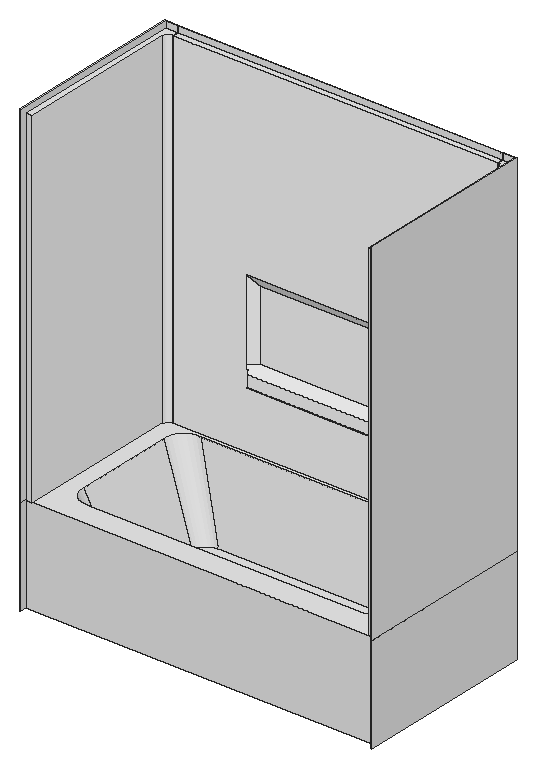
Revit family "4LETS6030.V2", category Plumbing Fixtures, Revit 2017
Family settings
  Round Connector Dimension = Use Diameter
  Part Type = Normal
  OmniClass Number = 23.45.05.14.17
  OmniClass Title = Showers
  Work Plane-Based = No
  Always vertical = Yes
  Cut with Voids When Loaded = No
  Shared = No
  Room Calculation Point = No
Parameters (values of type "4LETS6030.V2")
  Unit Width = 60"
  Unit Height = 76 3/4"
  URL = "http://www.bestbath.com"
  Type Comments = "Remodeler"
  Model = "4LETS6030.V2"
  Material [instance] = Best Bath Gelcoat Fiberglass - RealTile
  Manufacturer = "Best Bath Systems, Inc."
  Keynote = "22 40 00.D3"
  Description = "Real Tile Finish"
  Assembly Code = "D2010700"
Reference planes (in)
  plane 1 "Back": y = 0
  plane 2: z = 0.25
  plane 3 "Left": x = 0
  plane 4: x = 60
  plane 5: y = -30
  plane 6: z = 76
  plane 7: z = 77
  plane 8: x = 52
  plane 9: z = 16.75
  plane 10: y = -15
  plane 11: y = -1.25
  plane 12: x = 10
  plane 13: x = 55.5
  plane 14: y = -4.375
  plane 15: y = -23.5
  plane 16: y = -1.875
  plane 17: y = -26
  plane 18: x = 4
  plane 19: x = 57
  plane 20: x = 1.25
  plane 21: x = 58.75
  plane 22: y = -31
  plane 23: z = 30.25
Forms (in)
  Extrusion 1, solid, material "Best Bath Gelcoat Fiberglass - Smooth"
    sketch origin (0, 0, 0.25) x (1, 0, 0) y (0, 1, 0)
      loop
        line (60, -30) -> (60, 0) -> (57.75, 0) -> (57.75, -1.25)
        arc (57.75, -1.25) -> (58.45711, -1.54289) -> (58.75, -2.25) r 1
        line (58.75, -2.25) -> (58.75, -30) -> (60, -30)
      loop
        line (0, 0) -> (0, -30) -> (1.25, -30) -> (1.25, -2.25)
        arc (1.25, -2.25) -> (1.54289, -1.54289) -> (2.25, -1.25) r 1
        line (2.25, -1.25) -> (2.25, 0) -> (0, 0)
    from 16.5 to 75.75
  Extrusion 2, solid, material "Best Bath Gelcoat Fiberglass - Smooth"
    sketch origin (0, 0, 0.25) x (1, 0, 0) y (0, 1, 0)
      loop
        line (0, -30) -> (60, -30) -> (60, 0) -> (0, 0) -> (0, -30)
      loop
        circle (52, -15) r 1.5
    from 0 to 16.5
  Blend 3, void
    base sketch origin (0, 0, 0.25) x (1, 0, 0) y (0, 1, 0)
      loop
        arc (12.5, -4.375) -> (10.73223, -5.10723) -> (10, -6.875) r 2.5
        line (10, -6.875) -> (10, -21)
        arc (10, -21) -> (10.73223, -22.76777) -> (12.5, -23.5) r 2.5
        line (12.5, -23.5) -> (53.5, -23.5)
        arc (53.5, -23.5) -> (54.91421, -22.91421) -> (55.5, -21.5) r 2
        line (55.5, -21.5) -> (55.5, -6.375)
        arc (55.5, -6.375) -> (54.91421, -4.96079) -> (53.5, -4.375) r 2
        line (53.5, -4.375) -> (12.5, -4.375)
    top sketch origin (0, 0, 0.25) x (1, 0, 0) y (0, 1, 0)
      loop
        arc (7.5, -1.875) -> (5.02513, -2.90013) -> (4, -5.375) r 3.5
        line (4, -5.375) -> (4, -22.5)
        arc (4, -22.5) -> (5.02513, -24.97487) -> (7.5, -26) r 3.5
        line (7.5, -26) -> (53.5, -26)
        arc (53.5, -26) -> (55.97487, -24.97487) -> (57, -22.5) r 3.5
        line (57, -22.5) -> (57, -5.375)
        arc (57, -5.375) -> (55.97487, -2.90013) -> (53.5, -1.875) r 3.5
        line (53.5, -1.875) -> (7.5, -1.875)
    from 2.23617 to 16.5
  Extrusion 4, solid, material "Best Bath Gelcoat Fiberglass - Smooth"
    sketch origin (0, 0, 0.25) x (1, 0, 0) y (0, 1, 0)
      loop
        line (2.25, -1.25) -> (57.75, -1.25) -> (57.75, 0) -> (2.25, 0) -> (2.25, -1.25)
    from 16.5 to 75.75
  Extrusion 5, solid, material "Best Bath Gelcoat Fiberglass - Smooth"
    sketch origin (0, 0, 0.25) x (1, 0, 0) y (0, 1, 0)
      loop
        line (0, -30) -> (0, -31) -> (0.125, -31) -> (0.125, -30) -> (0, -30)
      loop
        line (60, -30) -> (59.875, -30) -> (59.875, -31) -> (60, -31) -> (60, -30)
    from 0 to 16.5
  Extrusion 6, solid, material "Best Bath Gelcoat Fiberglass - Smooth"
    sketch origin (0, 0, 0.25) x (1, 0, 0) y (0, 1, 0)
      loop
        line (2.25, 0) -> (2.25, -0.125) -> (57.75, -0.125) -> (57.75, 0) -> (2.25, 0)
    from 75.75 to 76.75
  Extrusion 7, solid, material "Best Bath Gelcoat Fiberglass - Smooth"
    sketch origin (0, 0, 0.25) x (1, 0, 0) y (0, 1, 0)
      loop
        line (0, -31) -> (0.125, -31) -> (0.125, -0.125) -> (2.25, -0.125) -> (2.25, 0) -> (0, 0) -> (0, -31)
      loop
        line (60, -31) -> (60, 0) -> (57.75, 0) -> (57.75, -0.125) -> (59.875, -0.125) -> (59.875, -31) -> (60, -31)
    from 16.5 to 76.75
  Blend 8, solid, material "Best Bath Gelcoat Fiberglass - Smooth"
    base sketch origin (1.5, -33, 0) x (1, 0, 0) y (0, 0, 1)
      loop
        line (13.375, 30.25) -> (13.375, 26.5) -> (43.625, 26.5) -> (43.625, 30.25) -> (13.375, 30.25)
    top sketch origin (1.5, -33, 0) x (1, 0, 0) y (0, 0, 1)
      loop
        line (15.375, 30.25) -> (15.375, 28.25) -> (41.625, 28.25) -> (41.625, 30.25) -> (15.375, 30.25)
    from -31.75 to -29.5
  Blend 9, void
    base sketch origin (1.5, -33, 0) x (1, 0, 0) y (0, 0, 1)
      loop
        line (13.375, 30.25) -> (43.625, 30.25) -> (43.625, 43.75) -> (13.375, 43.75) -> (13.375, 30.25)
    top sketch origin (1.5, -33, 0) x (1, 0, 0) y (0, 0, 1)
      loop
        line (14.875, 30.25) -> (42.125, 30.25) -> (42.125, 42.25) -> (14.875, 42.25) -> (14.875, 30.25)
    from -31.75 to -32.75
Cuts and joins
  Blend 3 cuts Extrusion 2
  joined: Extrusion 2, Extrusion 5
  Blend 9 cuts Extrusion 4
  joined: Extrusion 4, Extrusion 6, Blend 8
  joined: Extrusion 1, Extrusion 7
Dimensions and locks (in)
  "Unit Width": plane 3 "Left" to plane 4
  locked: plane 7 to plane 6 at 1
  "Unit Height": plane 7 to level
  plane 3 "Left" to plane 8 to plane 4 = 52", 8"
  plane 10 to plane 1 "Back" = 15"
  locked: plane 13 to plane 4 at 4.5
  locked: plane 15 to plane 5 at 6.5
  locked: plane 3 "Left" to plane 12 at 10
  locked: plane 16 to plane 1 "Back" at 1.875
  locked: plane 17 to plane 5 at 4
  locked: plane 19 to plane 4 at 3
  locked: plane 3 "Left" to plane 18 at 4
  plane 9 to level = 16 1/2"
  locked: plane 11 to plane 1 "Back" at 1.25
  locked: plane 3 "Left" to plane 20 at 1.25
  locked: plane 21 to plane 4 at 1.25
  locked: Extrusion 1 to plane 14 at 4.375
  locked: plane 5 to plane 22 at 1
  locked: plane 22 to plane 1 "Back" at 31
  locked: plane 23 to plane 9 at 13.5
  radius of Blend 3 sketch curve = 2"  (x2)
  radius of Blend 3 sketch curve = 2 1/2"  (x2)
  radius of Blend 3 sketch curve = 3 1/2"  (x4)
  aligned and locked: level to plane 2
  aligned and locked: plane 6 to Extrusion 1
  aligned and locked: Extrusion 1 sketch curve to plane 4
  aligned and locked: plane 5 to Extrusion 1 sketch curve
  aligned and locked: Extrusion 1 sketch curve to plane 5
  aligned and locked: Extrusion 2 sketch curve to Extrusion 1  (x3)
  aligned and locked: Extrusion 2 sketch curve to plane 1 "Back"
  aligned and locked: plane 10 to Extrusion 2 sketch curve
  aligned and locked: plane 8 to Extrusion 2 sketch curve
  aligned and locked: plane 15 to Blend 3 sketch curve
  aligned and locked: Blend 3 sketch curve to plane 14
  aligned and locked: Blend 3 sketch curve to plane 13
  aligned and locked: plane 12 to Blend 3 sketch curve
  aligned and locked: plane 18 to Blend 3 sketch curve
  aligned and locked: Blend 3 sketch curve to plane 19
  aligned and locked: plane 17 to Blend 3 sketch curve
  aligned and locked: Blend 3 sketch curve to plane 16
  aligned and locked: Extrusion 1 sketch curve to plane 20
  aligned and locked: Extrusion 4 to plane 9
  aligned and locked: plane 6 to Extrusion 4
  aligned and locked: Extrusion 1 to plane 9
  aligned and locked: Blend 3 to Extrusion 1
  aligned and locked: Extrusion 5 to Extrusion 1
  aligned and locked: plane 7 to Extrusion 6
  aligned and locked: Extrusion 6 to Extrusion 1
  aligned and locked: plane 7 to Extrusion 7
  aligned and locked: Extrusion 7 to Extrusion 1
Automatic sketch dimensions
  plane 1 "Back" to Extrusion 4 sketch curve = 0"
  plane 3 "Left" to Extrusion 4 sketch curve = 2 1/4"
  plane 4 to Extrusion 4 sketch curve = 2 1/4"
  Extrusion 4 sketch curve to plane 11 = 0"
  Extrusion 1 sketch curve to plane 3 "Left" = 0"
  plane 1 "Back" to Extrusion 1 sketch curve = 0"  (x2)
  Extrusion 1 sketch curve to plane 11 = 0"  (x2)
  Extrusion 1 sketch curve to plane 21 = 0"
  plane 20 to Extrusion 1 sketch curve = 1"
  Extrusion 1 sketch curve to plane 11 = 1"
  Blend 3 sketch curve to plane 14 = 0"
  Extrusion 5 sketch curve to plane 3 "Left" = 0"
  Extrusion 5 sketch curve to plane 22 = 0"  (x2)
  Extrusion 5 sketch curve to plane 5 = 0"  (x2)
  Extrusion 5 sketch curve to plane 4 = 0"
  plane 3 "Left" to Extrusion 5 sketch curve = 1/8"
  Extrusion 5 sketch curve to Extrusion 5 sketch curve = 1/8"
  plane 1 "Back" to Extrusion 6 sketch curve = 0"
  plane 3 "Left" to Extrusion 6 sketch curve = 2 1/4"
  plane 4 to Extrusion 6 sketch curve = 2 1/4"
  Extrusion 6 sketch curve to Extrusion 6 sketch curve = 1/8"
  Extrusion 7 sketch curve to plane 3 "Left" = 0"
  Extrusion 7 sketch curve to plane 22 = 0"  (x2)
  plane 1 "Back" to Extrusion 7 sketch curve = 0"  (x2)
  Extrusion 7 sketch curve to plane 4 = 0"
  plane 3 "Left" to Extrusion 7 sketch curve = 1/8"
  plane 1 "Back" to Extrusion 7 sketch curve = 1/8"  (x2)
  Extrusion 7 sketch curve to Extrusion 7 sketch curve = 2 1/8"
  plane 4 to Extrusion 7 sketch curve = 2 1/4"
  plane 4 to Extrusion 7 sketch curve = 1/8"
  Blend 8 sketch curve to plane 23 = 0"  (x2)
  Blend 8 sketch curve to plane 23 = 3 3/4"
  plane 3 "Left" to Blend 8 sketch curve = 14 7/8"
  plane 8 to Blend 8 sketch curve = 6 7/8"
  Blend 8 sketch curve to plane 23 = 2"
  plane 3 "Left" to Blend 8 sketch curve = 16 7/8"
  plane 8 to Blend 8 sketch curve = 8 7/8"
  Blend 9 sketch curve to plane 23 = 0"  (x2)
  plane 3 "Left" to Blend 9 sketch curve = 14 7/8"
  plane 8 to Blend 9 sketch curve = 6 7/8"
  Blend 9 sketch curve to Blend 9 sketch curve = 13 1/2"
  plane 3 "Left" to Blend 9 sketch curve = 16 3/8"
  plane 8 to Blend 9 sketch curve = 8 3/8"
  plane 23 to Blend 9 sketch curve = 12"
  radius of Extrusion 2 sketch curve = 1 1/2"
